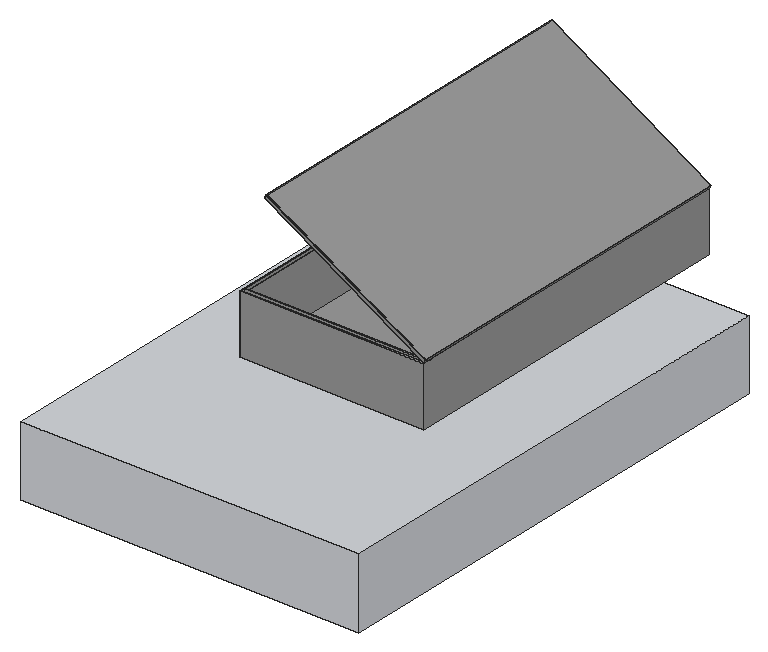
Revit family "Hager-Univers-IP55-D275-H1550-Cl.I-Steel_encl-CH-de", category Equipement électrique, Revit 2020
Family settings
  Hôte = Face
  Configuration du panneau = Deux colonnes, circuits au sein
  Cote de connecteur circulaire = Utiliser le diamètre
  Type d'élément = Tableau de raccordement
  Couper avec des vides une fois chargée = Non
  Partagée = Non
  Point de calcul de pièce = Non
Parameters (values of type "Aufputz IP55 B800 H1550 T275  - FR03E")
  Width Control [instance] = if([EF000008 - Breite] > Min Width, [EF000008 - Breite], Min Width)  # 800 mm
  Commentaires du type = [HG000003 - Bereich]  # "Univers"
  Thickness Door [instance] = if([EF009171 - Materialstärke Tür/Deckel] > 3 mm, 3 mm, [EF009171 - Materialstärke Tür/Deckel])  # 1.5 mm
  Seal Frame Offset [instance] = 17 mm  # constant formula
  Plinth Visibility [instance] = [HG000027 - Sockelhöhe] > 0 mm  # no
  Model = ""
  Min Width [instance] = 100 mm  # constant formula
  Min Height [instance] = 100 mm  # constant formula
  Min Depth [instance] = (2 * [EF009170 - Materialstärke Gehäuse]) + 1 mm  # 4 mm
  Internal Frame Depth [instance] = (Door System Depth * 0.5)  # 9 mm
  Height Control [instance] = if([EF000040 - Höhe] > Min Height, [EF000040 - Höhe], Min Height)  # 1550 mm
  HG000027 - Sockelhöhe = 0 mm
  HG000026 - Stehend auf dem Boden = no
  HG000024 - Höhe des unteren Teils = 800 mm
  HG000023 - Gehäuse mit doppeltem Querschnitt = no
  HG000016 - 3D-Türsichtbarkeit [instance] = yes
  HG000015 - Sichtbarkeit der Türöffnung [instance] = no
  HG000014 - Tür rechts [instance] = yes
  HG000013 - Tür links [instance] = not([HG000014 - Tür rechts])  # no
  HG000012 - Türschwenkwinkel [instance] = 30.00°
  HG000010 - Asymmetrische Türen = no
  HG000009 - Doppelflügeligen Tür = no
  HG000006 - Unterputz = no
  HG000004 - Herstellerreferenz = "FR03E"
  HG000003 - Bereich = "Univers"
  HG000002 - Mit tür = yes
  Frame Offset Bottom [instance] = 10 mm  # constant formula
  Frame Offset [instance] = 15 mm  # constant formula
  EF015940 - Deckel mit Überdruckentlastung = no
  EF011959 - Schutzart (NEMA) = ""
  EF009554 - Anzahl der Öffnungen für Flanschplatten = 6
  Fabricant = "Hager"  # constant formula
  EF009212 - Ausführung Deckel = "EV000116 - geschlossen"
  EF009171 - Materialstärke Tür/Deckel = 1.5 mm
  EF009170 - Materialstärke Gehäuse = 1.5 mm
  EF008873 - Nennstrom (In) = 800 A
  EF007800 - Geeignet für Blitzschutz = no
  EF006306 - Mit Schloss = no
  EF006244 - Transparenter Deckel/Tür = no
  EF005474 - Schutzart (IP) = "EV006420 - IP55"
  EF004464 - Art der Tür = "EV002646 - Einzel"
  EF004427 - Anzahl der Module = 360
  EF004293 - Schlagfestigkeit = "EV008784 - IK10"
  EF003532 - Geeignet für Außengebrauch = no
  EF002950 - Breite in Teilungseinheiten = 24
  EF001613 - Funktionserhalt = "EV000494 - ohne"
  EF001596 - Werkstoff des Gehäuses = "EV000179 - Stahl"
  EF001131 - Innentiefe = 275 mm
  EF001088 - Anbaumöglichkeit = yes
  EF000437 - Anzahl der Leitungseinführungen = 6
  EF000339 - Art der Abdeckung = "EV004216 - Tür"
  EF000266 - Anzahl der Reihen = 10
  EF000218 - Einbautiefe = 0 mm
  EF000118 - Mit Montageplatte = no
  EF000116 - RAL-Nummer = "7035"
  EF000049 - Tiefe = 275 mm
  EF000040 - Höhe = 1550 mm
  EF000008 - Breite = 800 mm
  EF000007 - Farbe = "EV000270 - grau"
  EF000003 - Montageart = "EV000384 - Aufputz"
  Door System Leaf Tolerance [instance] = 1.5 mm  # constant formula
  Door System Depth [instance] = 18 mm  # constant formula
  Door Height [instance] = Height Control - [HG000027 - Sockelhöhe]  # 1550 mm
  Depth Control [instance] = if([EF000049 - Tiefe] > Min Depth, [EF000049 - Tiefe], Min Depth)  # 275 mm
  Default Elevation = 0 mm
  Connector Offset [instance] = Height Control / 2  # 775 mm
  Bottom Top Plate Trim [instance] = 1.5 mm  # constant formula
  Plinth height Ctrl [instance] = if([HG000027 - Sockelhöhe] > 0 mm, [HG000027 - Sockelhöhe], 12 mm)  # 12 mm
Types (5, lengths in mm): name | Width Control | HG000010 - Asymmetrische Türen | HG000009 - Doppelflügeligen Tür | HG000004 - Herstellerreferenz | EF009554 - Anzahl der Öffnungen für Flanschplatten | EF004464 - Art der Tür | EF004427 - Anzahl der Module | EF000437 - Anzahl der Leitungseinführungen | EF000008 - Breite
  Aufputz IP55 B1050 H1550 T275  - FR04E | 1050 | no | yes | "FR04E" | 8 | "EV003602 - Doppel" | 480 | 8 | 1050
  Aufputz IP55 B1300 H1550 T275  - FR05E | 1300 | yes | yes | "FR05E" | 10 | "EV003602 - Doppel" | 600 | 10 | 1300
  Aufputz IP55 B300 H1550 T275  - FR01E | 300 | no | no | "FR01E" | 2 | "EV002646 - Einzel" | 120 | 2 | 300
  Aufputz IP55 B550 H1550 T275  - FR02E | 550 | no | no | "FR02E" | 4 | "EV002646 - Einzel" | 240 | 4 | 550
  Aufputz IP55 B800 H1550 T275  - FR03E | 800 | no | no | "FR03E" | 6 | "EV002646 - Einzel" | 360 | 6 | 800
Reference planes
  plane 1 "Center (Front/Back)": y = 0
  plane 2: z = 0
  plane 3 "Center (Left/Right)": x = 0
  plane 4: z = 275
  plane 5: y = 1.5
  plane 6: y = 775
  plane 7: y = 0
  plane 8: y = 1550
  plane 9: z = 0
  plane 10: x = -385
  plane 11: x = 385
  plane 12: x = 383.5
  plane 13: x = -383.5
  plane 14: y = 1548.5
  plane 15: x = -383
  plane 16: x = -400
  plane 17: x = 383
  plane 18: x = 400
  plane 19: x = 398.5
  plane 20: x = -398.5
  plane 21: y = 11.5
  plane 22: y = 1550
  plane 23: y = 1533.5
  plane 24: z = 257
  plane 25: z = 1.5
  plane 26: z = 255.5
  plane 27: z = 273.5
Forms (mm)
  Extrusion 1, solid
    sketch origin (0, 0, 0) x (1, 0, 0) y (0, 1, 0)
      loop
        line (-702.964, 1305) -> (-702.964, -811.445) -> (766.763, -811.445) -> (766.763, 1305) -> (-702.964, 1305)
    from 0 to -304.8
  Extrusion 2, solid, material "Hager_Steel_RAL7035_Light_Grey", visible <- "Plinth Visibility", detail levels medium+fine
    sketch origin (0, 0, 0) x (1, 0, 0) y (0, 1, 0)
      loop
        line (-400, 0) -> (400, 0) -> (400, 12) -> (-400, 12) -> (-400, 0)
    from 0 to 257
  Extrusion 3, solid, material "Hager_Steel_RAL7035_Light_Grey", detail levels medium+fine
    sketch origin (0, 0, 0) x (1, 0, 0) y (0, 1, 0)
      loop
        line (-400, 0) -> (400, 0) -> (400, 1550) -> (-400, 1550) -> (-400, 0)
    from 0 to 257
  Extrusion 4, void
    sketch origin (0, 0, 0) x (1, 0, 0) y (0, 1, 0)
      loop
        line (-398.5, 1.5) -> (398.5, 1.5) -> (398.5, 1548.5) -> (-398.5, 1548.5) -> (-398.5, 1.5)
    from 1.5 to 255.5
  Extrusion 5, void
    sketch origin (-381.607, -4572, 257) x (0, -1, 0) y (-1, 0, 0)
      loop
        line (-4583.5, 1.893) -> (-6105.5, 1.893) -> (-6105.5, -765.107) -> (-4583.5, -765.107) -> (-4583.5, 1.893)
    from 0 to 1.5 <- "EF009170 - Materialstärke Gehäuse"
  Extrusion 6, solid, material "Hager_Steel_RAL7035_Light_Grey", detail levels fine
    sketch origin (0, 0, 257) x (1, 0, 0) y (0, 1, 0)
      loop
        line (-383.5, 1533.5) -> (-383.5, 11.5) -> (383.5, 11.5) -> (383.5, 1533.5) -> (-383.5, 1533.5)
      loop
        line (-385, 10) -> (385, 10) -> (385, 1535) -> (-385, 1535) -> (-385, 10)
    from 0 to 9 <- "Internal Frame Depth"
  Extrusion 7, solid, material "Hager_Steel_RAL7035_Light_Grey", detail levels coarse
    sketch origin (0, 0, 0) x (1, 0, 0) y (0, 1, 0)
      loop
        line (-400, 0) -> (400, 0) -> (400, 1550) -> (-400, 1550) -> (-400, 0)
    from 0 to 275
  Sweep 8, void
    path in 3D
      loop
        line (-400, 12, 0) -> (400, 12, 0) -> (400, 12, 257) -> (-400, 12, 257) -> (-400, 12, 0)
    profile origin (-400, 12, 128.5) x (-1, 0, 0) y (0, -1, 0)
      loop
        line (0, 0) -> (0, 1.5) -> (-1.5, 1.5)
        arc (-1.5, 1.5) -> (-1.061, 0.439) -> (0, 0) r 1.5
Cuts and joins
  Extrusion 4, Extrusion 5 cuts Extrusion 3
  Sweep 8 cuts Extrusion 2
Lines and regions (mm)
  Masking region 1
    outline origin (0, 0, 0) x (1, 0, 0) y (0, 0, 1)
      loop
        line (-400, 275) -> (-400, 0) -> (400, 0) -> (400, 275) -> (-400, 275)
  Masking region 2, detail levels medium+fine
    outline origin (0, 140, 0) x (0, 1, 0) y (0, 0, 1)
      loop
        line (-140, 0) -> (1410, 0) -> (1410, 257) -> (-140, 257) -> (-140, 0)
  Masking region 3, not visible, detail levels medium+fine
    outline origin (0, 297.922, 0) x (0, 1, 0) y (0, 0, 1)
      loop
        line (488.578, 0) -> (528.578, 0) -> (528.578, 263.5)
        arc (528.578, 263.5) -> (525.649, 270.571) -> (518.578, 273.5) r 10
        line (518.578, 273.5) -> (488.578, 273.5) -> (488.578, 0)
  Masking region 4, detail levels coarse
    outline origin (0, 0, 180) x (0, 1, 0) y (0, 0, 1)
      loop
        line (0, -180) -> (1550, -180) -> (1550, 95) -> (0, 95) -> (0, -180)
  Masking region 5, visible <- "Plinth Visibility", detail levels medium+fine
    outline origin (0, 52.24, 12.345) x (0, 0, -1) y (0, 1, 0)
      loop
        line (10.845, -40.24) -> (-243.155, -40.24)
        arc (-243.155, -40.24) -> (-243.594, -41.301) -> (-244.655, -41.74) r 1.5
        line (-244.655, -41.74) -> (-244.655, -52.24) -> (12.345, -52.24) -> (12.345, -41.74)
        arc (12.345, -41.74) -> (11.285, -41.301) -> (10.845, -40.24) r 1.5
  Masking region 6, detail levels medium+fine
    outline origin (-381.607, -4572, 257) x (-1, 0, 0) y (0, -1, 0)
      loop
        line (18.393, -6122) -> (18.393, -4572) -> (-781.607, -4572) -> (-781.607, -6122) -> (18.393, -6122)
  Masking region 7, visible <- "Plinth Visibility", detail levels medium+fine
    outline origin (-381.607, -4727, 257) x (-1, 0, 0) y (0, -1, 0)
      loop
        arc (16.893, -4739) -> (17.332, -4737.939) -> (18.393, -4737.5) r 1.5
        line (18.393, -4737.5) -> (18.393, -4727) -> (-781.607, -4727) -> (-781.607, -4737.5)
        arc (-781.607, -4737.5) -> (-780.546, -4737.939) -> (-780.107, -4739) r 1.5
        line (-780.107, -4739) -> (16.893, -4739)
  Masking region 8, detail levels coarse
    outline origin (-442.548, -4669.526, 257) x (-1, 0, 0) y (0, -1, 0)
      loop
        line (-42.548, -6219.526) -> (-42.548, -4669.526) -> (-842.548, -4669.526) -> (-842.548, -6219.526) -> (-42.548, -6219.526)
  sketch lines
    curve 1: line (-400, 12, 257) -> (-400, 12, 0)
    curve 2: line (400, 12, 257) -> (-400, 12, 257)
    curve 3: line (400, 12, 257) -> (400, 12, 0)
    curve 4: line (-400, 12, 0) -> (400, 12, 0)
Dimensions and locks
  "Depth Control": plane 4 to Extrusion 1
  "HG000027 - Sockelhöhe": plane 1 "Center (Front/Back)" to plane 7
  "EF009170 - Materialstärke Gehäuse": plane 5 to plane 7
  locked: connector elem to plane 3 "Center (Left/Right)"
  equal spacing: plane 8, plane 6, plane 7
  locked: connector elem to plane 6
  "EF009170 - Materialstärke Gehäuse": plane 8 to plane 14
  "EF009170 - Materialstärke Gehäuse": plane 10 to plane 13
  "EF009170 - Materialstärke Gehäuse": plane 12 to plane 11
  "Frame Offset": plane 20 to plane 13
  "Frame Offset": plane 12 to plane 19
  "EF009170 - Materialstärke Gehäuse": plane 16 to plane 20
  "EF009170 - Materialstärke Gehäuse": plane 19 to plane 18
  "Seal Frame Offset": plane 16 to plane 15
  "Seal Frame Offset": plane 17 to plane 18
  "Frame Offset Bottom": plane 21 to plane 5
  "Frame Offset": plane 14 to plane 23
  equal spacing: plane 16, plane 3 "Center (Left/Right)", plane 18
  "Width Control": plane 16 to plane 18
  "EF009170 - Materialstärke Gehäuse": plane 4 to plane 27
  "EF009170 - Materialstärke Gehäuse": plane 24 to plane 26
  "EF009170 - Materialstärke Gehäuse": plane 25 to level
  "Door System Depth": plane 4 to plane 24
  "Height Control": plane 1 "Center (Front/Back)" to Extrusion 7 sketch curve
  "Height Control": Masking region 4 sketch curve to plane 1 "Center (Front/Back)"
  "Height Control": plane 1 "Center (Front/Back)" to plane 22
  "Bottom Top Plate Trim": profile plane to Sweep 8 sketch curve
  "Bottom Top Plate Trim": Sweep 8 sketch curve to profile plane
  "Plinth height Ctrl": plane 1 "Center (Front/Back)" to Extrusion 2 sketch curve
  "Plinth height Ctrl": Masking region 5 sketch curve to plane 1 "Center (Front/Back)"
  "Plinth height Ctrl": plane 1 "Center (Front/Back)" to Masking region 7 sketch curve
  "Thickness Door": Extrusion 6 sketch curve to Extrusion 6 sketch curve  (x3)
  "Thickness Door": cut or joined group of Extrusion 3, Extrusion 4, Extrusion 5 to Extrusion 6 sketch curve
  radius of Masking region 3 sketch curve = 10 mm
  "Bottom Top Plate Trim": radius of Masking region 5 sketch curve  (x2)
  "Bottom Top Plate Trim": radius of Sweep 8 sketch curve
  "Bottom Top Plate Trim": radius of Masking region 7 sketch curve  (x2)
  aligned and locked: plane 2 to Extrusion 1
  aligned and locked: level to Extrusion 1
  aligned and locked: level to Masking region 1 sketch curve
  aligned and locked: Masking region 1 sketch curve to plane 18
  aligned and locked: Masking region 1 sketch curve to plane 16
  aligned and locked: plane 7 to Masking region 2 sketch curve
  aligned and locked: level to Masking region 3 sketch curve
  aligned and locked: Masking region 3 sketch curve to plane 27
  aligned and locked: level to Masking region 2 sketch curve
  aligned and locked: plane 1 "Center (Front/Back)" to Extrusion 2 sketch curve
  aligned and locked: Extrusion 3 sketch curve to plane 7
  aligned and locked: plane 16 to Extrusion 3 sketch curve
  aligned and locked: plane 18 to Extrusion 3 sketch curve
  aligned and locked: plane 20 to Extrusion 4 sketch curve
  aligned and locked: plane 19 to Extrusion 4 sketch curve
  aligned and locked: Extrusion 4 sketch curve to plane 5
  aligned and locked: Extrusion 4 to plane 25
  aligned and locked: plane 26 to Extrusion 4
  aligned and locked: plane 24 to Extrusion 3
  aligned and locked: Extrusion 5 sketch curve to plane 21
  aligned and locked: Extrusion 5 sketch curve to plane 13
  aligned and locked: Extrusion 5 sketch curve to plane 12
  aligned and locked: plane 18 to Extrusion 7 sketch curve
  aligned and locked: plane 1 "Center (Front/Back)" to Extrusion 7 sketch curve
  aligned and locked: plane 16 to Extrusion 7 sketch curve
  aligned and locked: plane 4 to Extrusion 7
  aligned and locked: Extrusion 7 to level
  aligned and locked: level to Masking region 4 sketch curve
  aligned and locked: Masking region 4 sketch curve to plane 1 "Center (Front/Back)"
  aligned and locked: Masking region 4 sketch curve to plane 4
  aligned and locked: nested 1 to level
  aligned and locked: nested 1 to plane 16
  aligned and locked: plane 8 to Extrusion 3 sketch curve
  aligned and locked: plane 23 to Extrusion 5 sketch curve
  aligned and locked: plane 14 to Extrusion 4 sketch curve
  aligned and locked: Masking region 2 sketch curve to plane 8
  aligned and locked: level to Masking region 5 sketch curve
  aligned and locked: plane 16 to Extrusion 2 sketch curve
  aligned and locked: plane 18 to Extrusion 2 sketch curve
  aligned and locked: Masking region 5 sketch curve to plane 24
  aligned and locked: Masking region 2 sketch curve to plane 24
  aligned and locked: plane 24 to Extrusion 2
  aligned and locked: profile plane to Sweep 8 sketch curve  (x2)
  aligned and locked: Masking region 6 sketch curve to plane 18
  aligned and locked: Masking region 6 sketch curve to plane 22
  aligned and locked: Masking region 6 sketch curve to plane 16
  aligned and locked: plane 8 to plane 22
  aligned and locked: Masking region 6 sketch curve to plane 7
  aligned and locked: Masking region 7 sketch curve to plane 16
  aligned and locked: Masking region 7 sketch curve to plane 1 "Center (Front/Back)"
  aligned and locked: Masking region 7 sketch curve to plane 18
  aligned and locked: Masking region 8 sketch curve to plane 1 "Center (Front/Back)"
  aligned and locked: Masking region 8 sketch curve to plane 18
  aligned and locked: Masking region 8 sketch curve to plane 22
  aligned and locked: Masking region 8 sketch curve to plane 16
  aligned and locked: nested 2 to plane 7
  aligned and locked: plane 3 "Center (Left/Right)" to nested 2
  aligned and locked: nested 2 to plane 24
  aligned and locked: Extrusion 6 sketch curve to cut or joined group of Extrusion 3, Extrusion 4, Extrusion 5  (x4)
Automatic sketch dimensions
  Extrusion 1 sketch curve to Extrusion 1 sketch curve = 1469.727 mm
  Extrusion 1 sketch curve to Extrusion 1 sketch curve = 2116.445 mm
  Masking region 1 sketch curve to plane 4 = 0 mm
  plane 6 to Masking region 3 sketch curve = 11.5 mm
  Masking region 3 sketch curve to Masking region 3 sketch curve = 30 mm
  Masking region 5 sketch curve to plane 1 "Center (Front/Back)" = 0 mm
Nested families
  nested 1: "Hager_Enclosure_Symbol" at (-400, 0, 0) x (1, 0, 0) z (0, -1, 0), Height <- "Depth Control", Width <- "Width Control", type "Hager_Enclosure_Symbol"
    with Width_Ctrl 800 mm, Width 800 mm, Height_Ctrl 275 mm, Height 275 mm, A_Width_Int 18.047 mm, A_Width 216.562 mm, A_Height_Ctrl 240.625 mm, A_Height 240.625 mm
  nested 2: "EC000058_Univers_Door" at (0, 0, 257) x (1, 0, 0) z (0, 1, 0), Leaf_Tolerance <- "Door System Leaf Tolerance", Angle <- "HG000012 - Türschwenkwinkel", Door_Depth <- "Door System Depth", Door_Left <- "HG000013 - Tür links", Transparent <- "EF006244 - Transparenter Deckel/Tür", Assymetrical <- "HG000010 - Asymmetrische Türen", Width <- "Width Control", Clearance <- "HG000015 - Sichtbarkeit der Türöffnung", Double <- "HG000009 - Doppelflügeligen Tür", 3d_Door <- "HG000016 - 3D-Türsichtbarkeit", Lock_Visibility <- "EF006306 - Mit Schloss", Width_Ctrl <- "Width Control", Door_Right <- "HG000014 - Tür rechts", Door <- "HG000002 - Mit tür", Height <- "Door Height", Thickness <- "Thickness Door", type "EC000058_Univers_Door", detail levels medium+fine
    with min_wh 4 mm, Width_Ctrl 800 mm, Width 800 mm, Transparent no, Thickness 1.5 mm, Seal_Material Hager_Rubber, Lock_Visibility no, Lock_Material Hager_Plastic_RAL9005_Jet_Black, Leaf_Width 800 mm, Leaf_Tolerance_External_Sides 0 mm, Leaf_Tolerance 1.5 mm, Leaf_Offset 0 mm, Leaf_Height 1547 mm, Leaf_2_Width 800 mm, Leaf_2_Offset 400 mm, Leaf_1_Width 800 mm, Leaf_1_Offset 400 mm, Height_Ctrl 1550 mm, Height 1550 mm, Glass_Material Hager_Glass, Double_Clearance_Ctrl no, Double no, Door_Right_Ctrl yes, Door_Right yes, Door_Material Hager_Steel_RAL7035_Light_Grey, Door_Left_Ctrl no, Door_Left no, Door_Depth 18 mm, Door yes, Clearance_Material Hager_Clearance, Clearance_Depth 800 mm, Clearance_Ctrl no, Clearance no, Assymetrical no, Angle 30.00°, 3d_Door yes
Connectors
  electrical at (0, 775, 0)
    settings: on plane 9, index 1, voltage 0 V, apparent load 0 VA, apparent load phase1 0 VA, apparent load phase2 0 VA, apparent load phase3 0 VA, power factor 1, load classification "Other", number of poles 1, system type 30, power factor state 1, is connector primary yes, connector utility no, sub classification motor no, connector description ""
Definition of nested family "EC000058_Univers_Door"
  Parameters (values of type "EC000058_Univers_Door")
    min_wh [instance] = (2 * Thickness) + 1 mm  # 11 mm
    Width_Ctrl [instance] = 400 mm
    Width [instance] = 500 mm
    Transparent [instance] = yes
    Thickness [instance] = 5 mm
    Seal_Material [instance] = none
    Lock_Visibility [instance] = yes
    Lock_Material [instance] = none
    Leaf_Width [instance] = if((Width_Ctrl - 2 * Leaf_Tolerance_External_Sides) > 0 mm, (Width_Ctrl - 2 * Leaf_Tolerance_External_Sides), min_wh)  # 400 mm
    Leaf_Tolerance_External_Sides [instance] = 0 mm  # constant formula
    Leaf_Tolerance [instance] = 1.5 mm
    Leaf_Offset [instance] = 0 mm  # constant formula
    Leaf_Height [instance] = if((Height_Ctrl - 2 * Leaf_Tolerance) > 0 mm, (Height_Ctrl - 2 * Leaf_Tolerance), min_wh)  # 497 mm
    Leaf_2_Width [instance] = if(and(and(Double, Assymetrical), Door_Left), (Leaf_Width / 3) - (Leaf_Tolerance / 2), if(and(and(Double, Assymetrical), Door_Right), (Leaf_Width / 3) * 2 - (Leaf_Tolerance / 2), if(and(Double, not(Assymetrical)), (Leaf_Width / 2) - Leaf_Tolerance, Leaf_Width)))  # 400 mm
    Leaf_2_Offset [instance] = if(and(Double, Assymetrical), Leaf_2_Width / 2, if(and(Double, not(Assymetrical)), Leaf_Width / 4, Leaf_Width / 2))  # 200 mm
    Leaf_1_Width [instance] = if(and(and(Double, Assymetrical), Door_Right), (Leaf_Width / 3) - (Leaf_Tolerance / 2), if(and(and(Double, Assymetrical), Door_Left), (Width / 3) * 2 - (Leaf_Tolerance / 2), if(and(Double, not(Assymetrical)), (Leaf_Width / 2) - Leaf_Tolerance, Leaf_Width)))  # 400 mm
    Leaf_1_Offset [instance] = if(and(Double, Assymetrical), Leaf_1_Width / 2, if(and(Double, not(Assymetrical)), Leaf_Width / 4, Leaf_Width / 2))  # 200 mm
    Height_Ctrl [instance] = if(Height > min_wh, Height, min_wh)  # 500 mm
    Height [instance] = 500 mm
    Glass_Material [instance] = none
    Double_Clearance_Ctrl [instance] = and(Double, Clearance)  # no
    Double [instance] = no
    Door_Right_Ctrl [instance] = and(or(Door_Right, Double), Door)  # yes
    Door_Right [instance] = yes
    Door_Material [instance] = none
    Door_Left_Ctrl [instance] = and(or(Door_Left, Double), Door)  # no
    Door_Left [instance] = no
    Door_Depth [instance] = 30 mm
    Door [instance] = yes
    Default Elevation = 1219.2 mm
    Clearance_Material [instance] = none
    Clearance_Depth [instance] = if(Leaf_1_Width > Leaf_2_Width, Leaf_1_Width, Leaf_2_Width)  # 400 mm
    Clearance_Ctrl [instance] = and(not(Double), Clearance)  # yes
    Clearance [instance] = yes
    Assymetrical [instance] = yes
    Angle [instance] = 30.00°
    3d_Door [instance] = yes
  Reference planes
    plane 1 "Center (Front/Back)": y = 0
    plane 2 "Bottom": z = 0
    plane 3 "Center (Left/Right)": x = 0
    plane 4: z = 500
    plane 5: x = -200
    plane 6: x = 200
    plane 7: z = 500
    plane 8: x = -200
    plane 9: z = 0
    plane 10: x = 200
    plane 11: y = 0
    plane 12: z = 1.5
    plane 13: x = -600
    plane 14: y = -400
    plane 15: x = 600
    plane 16: x = 0
    plane 17: x = 0
    plane 18: x = -200
    plane 19: x = 200
    plane 20: z = 498.5
  Forms (mm)
    Extrusion 1, solid, material <- "Clearance_Material", visible <- "Double_Clearance_Ctrl"
      sketch origin (1200, 0, 0) x (1, 0, 0) y (0, 0, -1)
        loop
          line (-1800, -498.5) -> (-600, -498.5) -> (-600, 0) -> (-1800, 0) -> (-1800, -498.5)
      from 0 to -400
  Dimensions and locks
    equal spacing: plane 5, plane 3 "Center (Left/Right)", plane 6
    "Width_Ctrl": plane 5 to plane 6
    "Leaf_Offset": plane 5 to plane 8
    "Leaf_Offset": plane 6 to plane 10
    "Leaf_Offset": plane 9 to level
    "Leaf_Offset": plane 4 to plane 7
    "Height_Ctrl": plane 4 to level
    "Leaf_Tolerance": plane 12 to plane 9
    locked: plane 11 to plane 1 "Center (Front/Back)"
    "Leaf_1_Offset": plane 18 to plane 16
    "Leaf_2_Offset": plane 17 to plane 19
    "Leaf_1_Width": plane 13 to plane 8
    "Leaf_2_Width": plane 10 to plane 15
    "Clearance_Depth": plane 14 to plane 1 "Center (Front/Back)"
    "Leaf_Tolerance_External_Sides": plane 8 to plane 18
    "Leaf_Tolerance_External_Sides": plane 19 to plane 10
    "Leaf_Tolerance": plane 7 to plane 20
    aligned and locked: level to plane 2 "Bottom"
    aligned and locked: nested 1 to plane 16
    aligned and locked: nested 2 to plane 17
    aligned and locked: Extrusion 1 to plane 13
    aligned and locked: plane 15 to Extrusion 1
    aligned and locked: Extrusion 1 to plane 14
    aligned and locked: plane 12 to nested 1
    aligned and locked: nested 2 to plane 12
    aligned and locked: Extrusion 1 to plane 11
    aligned and locked: plane 20 to Extrusion 1
    aligned and locked: nested 2 to plane 11
    aligned and locked: nested 1 to plane 11
  Automatic sketch dimensions
    Extrusion 1 sketch curve to level = 0 mm
    plane 5 to Extrusion 1 sketch curve = 400 mm
    plane 6 to Extrusion 1 sketch curve = 400 mm
    Extrusion 1 sketch curve to plane 4 = 1.5 mm
  Nested families
    nested 1: "EC000058_Univers_Door_Leaf" at (0, 0, 1.5), Width <- "Leaf_1_Width", visible <- "Door_Left_Ctrl", Leaf_Height <- "Leaf_Height", Angle <- "Angle", 3d_Door <- "3d_Door", Transparent <- "Transparent", Clearance Material <- "Clearance_Material", Clearance <- "Clearance_Ctrl", Door_Material <- "Door_Material", Glass_Material <- "Glass_Material", Door_Depth <- "Door_Depth", Lock_Material <- "Lock_Material", Seal_Material <- "Seal_Material", Lock_Visibility <- "Lock_Visibility", Thickness <- "Thickness", type "EC000058_Univers_Door_Leaf"
      with Width 400 mm, Transparent_Glass_Offset 30 mm, Transparent_Ctrl yes, Transparent yes, Thickness 5 mm, Standard no, Seal_Material none, Seal_D2 8 mm, Seal_D1 1 mm, Offset_Internal_Frame 10 mm, Lock_Width 20 mm, Lock_Visibility_3d yes, Lock_Visibility yes, Lock_Thickness_3 3 mm, Lock_Thickness_2 1 mm, Lock_Thickness_1 3 mm, Lock_Radius_Offset_2 16 mm, Lock_Radius_Offset_1 15 mm, Lock_Radius_2 5 mm, Lock_Radius 6 mm, Lock_Offset 5 mm, Lock_Material none, Lock_Height 80 mm, Lock_Cover_Top_Offset_2d 17 mm, Lock_Cover_Height -65 mm, Leaf_Height 497 mm, Internal_Seal_Thickness 8 mm, Internal_Seal_Depth_2 4.5 mm, Internal_Frame_Depth 25 mm, Glass_Thickness -1 mm, Glass_Offset -2 mm, Glass_Material none, Door_Material none, Door_Depth 30 mm, Clearance Material none, Clearance yes, Angle_Ctrl 30.00°, Angle 30.00°, 3d_Door yes
    nested 2: "EC000058_Univers_Door_Leaf" at (0, 0, 1.5) x (-1, 0, 0) z (0, 0, 1), Width <- "Leaf_2_Width", visible <- "Door_Right_Ctrl", Leaf_Height <- "Leaf_Height", Angle <- "Angle", 3d_Door <- "3d_Door", Transparent <- "Transparent", Clearance Material <- "Clearance_Material", Clearance <- "Clearance_Ctrl", Door_Material <- "Door_Material", Glass_Material <- "Glass_Material", Door_Depth <- "Door_Depth", Lock_Material <- "Lock_Material", Seal_Material <- "Seal_Material", Lock_Visibility <- "Lock_Visibility", Thickness <- "Thickness", type "EC000058_Univers_Door_Leaf"
      with Width 400 mm, Transparent_Glass_Offset 30 mm, Transparent_Ctrl yes, Transparent yes, Thickness 5 mm, Standard no, Seal_Material none, Seal_D2 8 mm, Seal_D1 1 mm, Offset_Internal_Frame 10 mm, Lock_Width 20 mm, Lock_Visibility_3d yes, Lock_Visibility yes, Lock_Thickness_3 3 mm, Lock_Thickness_2 1 mm, Lock_Thickness_1 3 mm, Lock_Radius_Offset_2 16 mm, Lock_Radius_Offset_1 15 mm, Lock_Radius_2 5 mm, Lock_Radius 6 mm, Lock_Offset 5 mm, Lock_Material none, Lock_Height 80 mm, Lock_Cover_Top_Offset_2d 17 mm, Lock_Cover_Height -65 mm, Leaf_Height 497 mm, Internal_Seal_Thickness 8 mm, Internal_Seal_Depth_2 4.5 mm, Internal_Frame_Depth 25 mm, Glass_Thickness -1 mm, Glass_Offset -2 mm, Glass_Material none, Door_Material none, Door_Depth 30 mm, Clearance Material none, Clearance yes, Angle_Ctrl 30.00°, Angle 30.00°, 3d_Door yes
  Definition of nested family "EC000058_Univers_Door_Leaf"
    Parameters (values of type "EC000058_Univers_Door_Leaf")
      Width [instance] = 2000 mm
      Transparent_Glass_Offset [instance] = 30 mm
      Transparent_Ctrl [instance] = and(Transparent, [3d_Door])  # yes
      Transparent [instance] = yes
      Thickness [instance] = 5 mm
      Standard [instance] = and(not(Transparent), [3d_Door])  # no
      Seal_Material [instance] = none
      Seal_D2 [instance] = 8 mm  # constant formula
      Seal_D1 [instance] = 1 mm  # constant formula
      Offset_Internal_Frame [instance] = 10 mm  # constant formula
      Lock_Width [instance] = 20 mm  # constant formula
      Lock_Visibility_3d [instance] = and(Lock_Visibility, [3d_Door])  # yes
      Lock_Visibility [instance] = yes
      Lock_Thickness_3 [instance] = 3 mm  # constant formula
      Lock_Thickness_2 [instance] = 1 mm  # constant formula
      Lock_Thickness_1 [instance] = 3 mm  # constant formula
      Lock_Radius_Offset_2 [instance] = Lock_Radius_Offset_1 + 1 mm  # 16 mm
      Lock_Radius_Offset_1 [instance] = 15 mm  # constant formula
      Lock_Radius_2 [instance] = Lock_Radius - 1 mm  # 5 mm
      Lock_Radius [instance] = 6 mm  # constant formula
      Lock_Offset [instance] = 5 mm  # constant formula
      Lock_Material [instance] = none
      Lock_Height [instance] = 80 mm  # constant formula
      Lock_Cover_Top_Offset_2d [instance] = Lock_Radius_Offset_2 + 1 mm  # 17 mm
      Lock_Cover_Height [instance] = -(Lock_Height - Lock_Radius_Offset_1)  # -65 mm
      Leaf_Height [instance] = 2720.336 mm
      Internal_Seal_Thickness [instance] = 8 mm  # constant formula
      Internal_Seal_Depth_2 [instance] = 4.5 mm  # constant formula
      Internal_Frame_Depth [instance] = if(Door_Depth - Thickness > 5 mm, Door_Depth - Thickness, 5 mm)  # 25 mm
      Glass_Thickness [instance] = if(Thickness > 15 mm, Glass_Offset + 10 mm, -1 mm)  # -1 mm
      Glass_Offset [instance] = if(Thickness > 15 mm, -(Thickness + 10 mm) / 2, -2 mm)  # -2 mm
      Glass_Material [instance] = none
      Door_Material [instance] = none
      Door_Depth [instance] = 30 mm
      Default Elevation = 0 mm
      Clearance Material [instance] = none
      Clearance [instance] = yes
      Angle_Ctrl [instance] = if(Angle > 180.00°, 180.00°, Angle)  # 90.00°
      Angle [instance] = 90.00°
      3d_Door [instance] = yes
    Reference planes
      plane 1 "Center (Front/Back)": y = 0
      plane 2: z = 0
      plane 3 "Center (Left/Right)": x = 0
      plane 4: y = 2000
      plane 5: x = -1000
      plane 6: x = 1000
      plane 7: x = -3000
      plane 8: z = 2720.336
      plane 9: z = 30
      plane 10: z = 2690.336
      plane 11: x = 970
      plane 12: x = -970
      plane 13: y = -3
      plane 14: z = 107.833
      plane 15: y = -5
      plane 16: y = -223.314
      plane 17: x = -1000
      plane 18: z = 1360.168
      plane 19: y = 30
    Forms (mm)
      Extrusion 1, solid, material <- "Clearance Material", visible <- "Clearance"
        sketch origin (0, 0, 0) x (1, 0, 0) y (0, 0, 1)
          loop
            line (-3000, 2720.336) -> (-3000, 0) -> (1000, 0) -> (1000, 2720.336) -> (-3000, 2720.336)
        from 0 to -2000
      Extrusion 2, solid, material <- "Door_Material", visible <- "Standard", detail levels medium+fine
        sketch origin (-1000, 0, 0) x (0, 1, 0) y (-1, 0, 0)
          loop
            line (0, 30) -> (0, 25) -> (2000, 25) -> (2000, 30) -> (0, 30)
        from 0 to 2720.336 <- "Leaf_Height"
      Extrusion 3, solid, material <- "Door_Material", visible <- "Transparent_Ctrl", detail levels medium+fine
        sketch origin (-1000, 0, 0) x (0, 1, 0) y (-1, 0, 0)
          loop
            line (0, 25) -> (2000, 25) -> (2000, 30) -> (0, 30) -> (0, 25)
        from 0 to 2720.336 <- "Leaf_Height"
      Extrusion 4, void
        sketch origin (-1025, 2000, 0) x (0, 1, 0) y (0, 0, -1)
          loop
            line (-30, -2690.336) -> (-30, -30) -> (-1970, -30) -> (-1970, -2690.336) -> (-30, -2690.336)
        from 0 to 5 <- "Thickness"
      Sweep 5, solid, material <- "Seal_Material", visible <- "Transparent_Ctrl", detail levels fine
        path in 3D
          loop
            line (-1025, 30, 30) -> (-1025, 30, 2690.336) -> (-1025, 1970, 2690.336) -> (-1025, 1970, 30) -> (-1025, 30, 30)
        profile origin (-1025, 1000, 30) x (1, 0, 0) y (0, 0, 1)
          loop
            line (0, 0) -> (0, -8) -> (1, -8) -> (1, 0) -> (0, 0)
      Extrusion 6, solid, material <- "Glass_Material", visible <- "Transparent_Ctrl", detail levels medium+fine
        sketch origin (-1030, 0, 0) x (0, 1, 0) y (0, 0, -1)
          loop
            line (1970, -2690.336) -> (1970, -30) -> (30, -30) -> (30, -2690.336) -> (1970, -2690.336)
        from -2 <- "Glass_Offset" to -1 <- "Glass_Thickness"
      Extrusion 7, solid, material <- "Door_Material", visible <- "3d_Door", detail levels medium+fine
        sketch origin (-1025, 2000, 0) x (0, -1, 0) y (0, 0, -1)
          loop
            line (0, -2720.336) -> (2000, -2720.336) -> (2000, 0) -> (0, 0) -> (0, -2720.336)
          loop
            line (1995, -5) -> (5, -5) -> (5, -2715.336) -> (1995, -2715.336) -> (1995, -5)
        from 0 to 25 <- "Internal_Frame_Depth"
      Sweep 8, solid, material <- "Seal_Material", visible <- "Transparent_Ctrl", detail levels fine
        path in 3D
          loop
            line (-1025, 0, 0) -> (-1025, 2000, 0) -> (-1025, 2000, 2720.336) -> (-1025, 0, 2720.336) -> (-1025, 0, 0)
        profile origin (-1025, 0, 1360.168) x (1, 0, 0) y (0, 1, 0)
          loop
            line (0, 10) -> (2.975, 10)
            arc (2.975, 10) -> (4.053, 10.447) -> (4.5, 11.525) r 1.525
            line (4.5, 11.525) -> (4.5, 16.527)
            arc (4.5, 16.527) -> (4.069, 17.569) -> (3.027, 18) r 1.473
            line (3.027, 18) -> (0, 18) -> (0, 10)
      Extrusion 9, solid, material <- "Lock_Material", visible <- "Lock_Visibility_3d", detail levels fine
        sketch origin (-1030, 0, 0) x (0, 1, 0) y (0, 0, -1)
          loop
            arc (1993.5, -1400.168) -> (1994.561, -1399.729) -> (1995, -1398.668) r 1.5
            line (1995, -1398.668) -> (1995, -1320.168) -> (1975, -1320.168) -> (1975, -1398.668)
            arc (1975, -1398.668) -> (1975.439, -1399.729) -> (1976.5, -1400.168) r 1.5
            line (1976.5, -1400.168) -> (1993.5, -1400.168)
        from 3 <- "Lock_Thickness_1" to 0
      Blend 10, solid, material <- "Lock_Material", visible <- "Lock_Visibility_3d", detail levels fine
        base sketch origin (-1033, 0, 0) x (0, 1, 0) y (0, 0, -1)
          loop
            line (1975, -1320.168) -> (1975, -1398.668)
            arc (1975, -1398.668) -> (1975.439, -1399.729) -> (1976.5, -1400.168) r 1.5
            line (1976.5, -1400.168) -> (1993.5, -1400.168)
            arc (1993.5, -1400.168) -> (1994.561, -1399.729) -> (1995, -1398.668) r 1.5
            line (1995, -1398.668) -> (1995, -1320.168) -> (1975, -1320.168)
        top sketch origin (-1033, 0, 0) x (0, 1, 0) y (0, 0, -1)
          loop
            line (1976, -1320.168) -> (1976, -1398.668)
            arc (1976, -1398.668) -> (1976.146, -1399.022) -> (1976.5, -1399.168) r 0.5
            line (1976.5, -1399.168) -> (1993.5, -1399.168)
            arc (1993.5, -1399.168) -> (1993.854, -1399.022) -> (1994, -1398.668) r 0.5
            line (1994, -1398.668) -> (1994, -1320.168) -> (1976, -1320.168)
        from 0 to 1 <- "Lock_Thickness_2"
      Blend 11, solid, material <- "Lock_Material", visible <- "Lock_Visibility_3d", detail levels fine
        base sketch origin (-1034, 0, 0) x (0, 1, 0) y (0, 0, -1)
          loop
            line (1978, -1320.168) -> (1978, -1384.168)
            arc (1978, -1384.168) -> (1985, -1391.168) -> (1992, -1384.168) r 7
            line (1992, -1384.168) -> (1992, -1320.168) -> (1978, -1320.168)
        top sketch origin (-1034, 0, 0) x (0, 1, 0) y (0, 0, -1)
          loop
            line (1991, -1320.168) -> (1979, -1320.168) -> (1979, -1383.168)
            arc (1979, -1383.168) -> (1985, -1389.168) -> (1991, -1383.168) r 6
            line (1991, -1383.168) -> (1991, -1320.168)
        from 0 to 3 <- "Lock_Thickness_3"
      Extrusion 12, solid, material <- "Lock_Material", visible <- "Lock_Visibility_3d", detail levels fine
        sketch origin (-1030, 1975, 1320.168) x (1, 0, 0) y (0, -1, 0)
          loop
            line (-7, -19) -> (-7, -1) -> (0, -1) -> (0, 0) -> (-8, 0) -> (-8, -20) -> (0, -20) -> (0, -19) -> (-7, -19)
        from 0 to -65 <- "Lock_Cover_Height"
      Extrusion 13, void
        sketch origin (-1038, 1995, 1320.168) x (-1, 0, 0) y (0, 0, -1)
          loop
            line (-5, -65) -> (0, -65) -> (-5, -60) -> (-5, -65)
        from 0 to 20 <- "Lock_Width"
      Extrusion 14, void
        sketch origin (-1038, 1975, 1320.168) x (0, -1, 0) y (0, 0, -1)
          loop
            circle (-10, -15.995) r 6
          loop
            circle (-10, -15.995) r 5
        from 0 to 2
      Extrusion 15, solid, material <- "Lock_Material", visible <- "Lock_Visibility_3d", detail levels medium
        sketch origin (-1030, 0, 0) x (0, 1, 0) y (0, 0, -1)
          loop
            arc (1993.5, -1400.168) -> (1994.561, -1399.729) -> (1995, -1398.668) r 1.5
            line (1995, -1398.668) -> (1995, -1320.168) -> (1975, -1320.168) -> (1975, -1398.668)
            arc (1975, -1398.668) -> (1975.439, -1399.729) -> (1976.5, -1400.168) r 1.5
            line (1976.5, -1400.168) -> (1993.5, -1400.168)
        from 8 to 0
    Cuts and joins
      Extrusion 4 cuts Extrusion 3
      Extrusion 13, Extrusion 14 cuts Extrusion 9
      Extrusion 14 cuts Blend 11
      Extrusion 13, Extrusion 14 cuts Extrusion 12
      joined: Extrusion 9, Blend 10, Blend 11, Extrusion 12
      Extrusion 14 cuts Extrusion 15
    Lines and regions (mm)
      Masking region 1, visible <- "Lock_Visibility", detail levels fine
        outline origin (0, 0, 0) x (0, 1, 0) y (0, 0, 1)
          loop
            line (30, 1320.168) -> (33, 1320.168) -> (33, 1400.168) -> (30, 1400.168) -> (30, 1320.168)
      Masking region 2, visible <- "Lock_Visibility", detail levels fine
        outline origin (0, 3.143, 0) x (0, 1, 0) y (0, 0, 1)
          loop
            line (29.857, 1354.168) -> (30.857, 1354.168) -> (30.857, 1366.168) -> (29.857, 1366.168) -> (29.857, 1354.168)
      Masking region 3, detail levels medium+fine
        outline origin (0, 0, 0) x (0, 1, 0) y (0, 0, 1)
          loop
            line (0, 0) -> (30, 0) -> (30, 2720.336) -> (0, 2720.336) -> (0, 0)
      Masking region 4, detail levels medium+fine
        outline origin (0, 0, 0) x (1, 0, 0) y (0, 0, 1)
          loop
            line (-1000, 2720.336) -> (-1000, 0) -> (1000, 0) -> (1000, 2720.336) -> (-1000, 2720.336)
      Masking region 5, visible <- "Lock_Visibility", detail levels fine
        outline origin (-47.116, 0, 0) x (1, 0, 0) y (0, 0, 1)
          loop
            arc (1024.616, 1399.168) -> (1023.556, 1398.729) -> (1023.116, 1397.668) r 1.5
            line (1023.116, 1397.668) -> (1023.116, 1320.168) -> (1041.116, 1320.168) -> (1041.116, 1397.668)
            arc (1041.116, 1397.668) -> (1040.677, 1398.729) -> (1039.616, 1399.168) r 1.5
            line (1039.616, 1399.168) -> (1024.616, 1399.168)
      Masking region 6, visible <- "Lock_Visibility", detail levels medium+fine
        outline origin (-25, 0, 0) x (1, 0, 0) y (0, 0, 1)
          loop
            arc (1001.5, 1400.168) -> (1000.439, 1399.729) -> (1000, 1398.668) r 1.5
            line (1000, 1398.668) -> (1000, 1320.168) -> (1020, 1320.168) -> (1020, 1398.668)
            arc (1020, 1398.668) -> (1019.561, 1399.729) -> (1018.5, 1400.168) r 1.5
            line (1018.5, 1400.168) -> (1001.5, 1400.168)
      Masking region 7, visible <- "Lock_Visibility", detail levels fine
        outline origin (-73.735, 0, 0) x (1, 0, 0) y (0, 0, 1)
          loop
            line (1051.735, 1382.168) -> (1065.735, 1382.168) -> (1065.735, 1384.168)
            arc (1065.735, 1384.168) -> (1058.735, 1391.168) -> (1051.735, 1384.168) r 7
            line (1051.735, 1384.168) -> (1051.735, 1382.168)
      Masking region 8, visible <- "Lock_Visibility", detail levels fine
        outline origin (-73.735, 0, 0) x (1, 0, 0) y (0, 0, 1)
          loop
            line (1052.735, 1382.168) -> (1064.735, 1382.168) -> (1064.735, 1383.168)
            arc (1064.735, 1383.168) -> (1058.735, 1389.168) -> (1052.735, 1383.168) r 6
            line (1052.735, 1383.168) -> (1052.735, 1382.168)
      Masking region 9, visible <- "Lock_Visibility", detail levels fine
        outline origin (-25, 0, 0) x (1, 0, 0) y (0, 0, 1)
          loop
            line (1020, 1320.168) -> (1020, 1382.168) -> (1000, 1382.168) -> (1000, 1320.168) -> (1020, 1320.168)
      Masking region 10, detail levels medium+fine
        outline origin (0, 0, 0) x (1, 0, 0) y (0, 0, 1)
          loop
            circle (985, 1335.144) r 6
      Masking region 11, detail levels fine
        outline origin (0, 0, 0) x (1, 0, 0) y (0, 0, 1)
          loop
            circle (985, 1335.144) r 5
      Masking region 12, visible <- "Lock_Visibility", detail levels fine
        outline origin (0, 12.767, 0) x (0, 1, 0) y (0, 0, 1)
          loop
            line (20.233, 1320.168) -> (21.233, 1320.168) -> (21.233, 1399.168) -> (20.233, 1400.168) -> (20.233, 1320.168)
      Masking region 13, visible <- "Lock_Visibility", detail levels fine
        outline origin (0, 13.767, -10) x (0, 1, 0) y (0, 0, 1)
          loop
            line (20.233, 1330.168) -> (23.233, 1330.168) -> (23.233, 1399.168) -> (20.233, 1402.168) -> (20.233, 1330.168)
      Masking region 14, visible <- "Lock_Visibility", detail levels fine
        outline origin (0, 12.767, -10) x (0, 1, 0) y (0, 0, 1)
          loop
            line (20.233, 1330.168) -> (25.233, 1330.168) -> (25.233, 1399.305) -> (20.233, 1394.305) -> (20.233, 1330.168)
      Masking region 15, visible <- "Lock_Visibility", detail levels medium
        outline origin (0, 0, 0) x (0, 1, 0) y (0, 0, 1)
          loop
            line (30, 1320.168) -> (38, 1320.168) -> (38, 1400.168) -> (30, 1400.168) -> (30, 1320.168)
      Masking region 16, visible <- "Lock_Visibility", detail levels fine
        outline origin (-1000, 0, 0) x (0, 1, 0) y (-1, 0, 0)
          loop
            line (1975, 30) -> (1995, 30) -> (1995, 38) -> (1975, 38) -> (1975, 30)
          loop
            line (1979, 37) -> (1976, 37) -> (1976, 34) -> (1978, 34) -> (1979, 37)
          loop
            line (1994, 37) -> (1991, 37) -> (1992, 34) -> (1994, 34) -> (1994, 37)
      Masking region 17, visible <- "Lock_Visibility", detail levels medium
        outline origin (-1000, 0, 0) x (0, 1, 0) y (-1, 0, 0)
          loop
            line (1975, 30) -> (1995, 30) -> (1995, 38) -> (1975, 38) -> (1975, 30)
      symbolic lines
        curve 1: line (1000, 0, 0) -> (-3000, 0, 0)
        curve 2: arc (1000, 0, 0) -> (-1000, 2000, 0) -> (-3000, 0, 0) r 2000
        curve 4: line (-1030, 0, 0) -> (-1030, 2000, 0)
      reference lines
        curve 3: line (-1000, 0, 0) -> (-1000, 2000, 0)
      symbolic lines, detail levels medium+fine
        curve 5: line (-1030, 2000, 0) -> (-1025, 2000, 0)
        curve 7: line (-1025, 0, 0) -> (-1030, 0, 0)
        curve 8: line (-1025, 0, 0) -> (-1000, 0, 0)
        curve 9: line (-1000, 0, 0) -> (-1000, 2000, 0)
        curve 10: line (-1000, 2000, 0) -> (-1025, 2000, 0)
      symbolic lines, detail levels fine
        curve 6: line (-1025, 2000, 0) -> (-1025, 0, 0)
      sketch lines
        curve 11: line (-1025, 0, 2720.336) -> (-1025, 0, 0)
        curve 12: line (-1025, 2000, 0) -> (-1025, 0, 0)
        curve 13: line (-1025, 2000, 2720.336) -> (-1025, 2000, 0)
        curve 14: line (-1025, 0, 2720.336) -> (-1025, 2000, 2720.336)
        curve 15: line (-1025, 1970, 30) -> (-1025, 30, 30)
        curve 16: line (-1025, 30, 30) -> (-1025, 30, 2690.336)
        curve 17: line (-1025, 1970, 2690.336) -> (-1025, 1970, 30)
        curve 18: line (-1025, 30, 2690.336) -> (-1025, 1970, 2690.336)
      symbolic lines, visible <- "Transparent", detail levels medium+fine
        curve 19: line (-970, 0, 2690.336) -> (970, 0, 2690.336)
        curve 20: line (-970, 0, 30) -> (-970, 0, 2690.336)
        curve 21: line (970, 0, 30) -> (-970, 0, 30)
        curve 22: line (970, 0, 2690.336) -> (970, 0, 30)
    Dimensions and locks
      "Width": plane 1 "Center (Front/Back)" to plane 4
      equal spacing: plane 5, plane 3 "Center (Left/Right)", plane 6
      "Width": plane 5 to plane 6
      "Width": plane 7 to plane 5
      "Leaf_Height": plane 8 to level
      "Width": curve 5 to curve 3
      "Width": curve 3 to curve 3
      plane 8 to plane 10 = 30 mm
      plane 9 to level = 30 mm
      plane 12 to plane 5 = 30 mm
      plane 6 to plane 11 = 30 mm
      Extrusion 1 to Extrusion 4 sketch curve = 30 mm
      "Transparent_Glass_Offset": curve 3 to Extrusion 4 sketch curve
      "Transparent_Glass_Offset": Extrusion 4 sketch curve to cut or joined group of Extrusion 3, Extrusion 4  (x2)
      cut or joined group of Extrusion 3, Extrusion 4 to Extrusion 6 sketch curve = 30 mm
      "Transparent_Glass_Offset": cut or joined group of Extrusion 3, Extrusion 4 to Extrusion 4 sketch curve
      "Thickness": curve 6 to curve 4
      "Thickness": Extrusion 7 sketch curve to Extrusion 7 sketch curve  (x4)
      "Door_Depth": curve 4 to curve 3
      "Offset_Internal_Frame": profile plane to Sweep 8 sketch curve
      "Internal_Seal_Thickness": Sweep 8 sketch curve to Sweep 8 sketch curve
      "Internal_Seal_Depth_2": profile plane to Sweep 8 sketch curve
      "Seal_D1": profile plane to Sweep 5 sketch curve
      "Seal_D2": profile plane to Sweep 5 sketch curve
      "Thickness": Extrusion 2 sketch curve to Extrusion 2 sketch curve
      equal spacing: Extrusion 9 sketch curve, plane 18, Extrusion 9 sketch curve  (x2)
      equal spacing: Masking region 1 sketch curve, plane 18, Masking region 1 sketch curve
      "Lock_Height": Masking region 1 sketch curve to Masking region 1 sketch curve
      "Lock_Radius": Masking region 2 sketch curve to plane 18 to Masking region 2 sketch curve
      Masking region 2 sketch curve to Masking region 1 = 1 mm
      "Door_Depth": plane 19 to plane 1 "Center (Front/Back)"
      "Lock_Thickness_1": Masking region 1 sketch curve to plane 19
      "Lock_Width": Extrusion 9 sketch curve to Extrusion 9 sketch curve
      "Lock_Height": Extrusion 9 sketch curve to Extrusion 9 sketch curve
      "Lock_Offset": cut or joined group of Extrusion 3, Extrusion 4 to Extrusion 9 sketch curve
      equal spacing: plane 8, plane 18, level
      "Lock_Radius_Offset_1": Blend 11 sketch curve to Blend 10
      locked: Blend 10 to Blend 11 sketch curve at 2  (x2)
      locked: var sketch to Blend 11 sketch curve at 1  (x2)
      "Lock_Radius_Offset_2": Blend 11 sketch curve to Blend 10
      locked: Extrusion 12 sketch curve to Extrusion 12 sketch curve at 1  (x3)
      Masking region 6 sketch curve to Masking region 6 sketch curve = 80 mm
      "Lock_Height": Masking region 6 sketch curve to Masking region 6 sketch curve
      "Lock_Width": Masking region 6 sketch curve to Masking region 6 sketch curve
      locked: Masking region 6 to Masking region 5 sketch curve at 1  (x3)
      locked: Masking region 5 to Masking region 7 sketch curve at 2  (x2)
      "Lock_Radius_Offset_1": Masking region 5 to Masking region 7 sketch curve
      "Lock_Radius_Offset_2": Masking region 5 to Masking region 8 sketch curve
      locked: Masking region 7 to Masking region 8 sketch curve at 1  (x2)
      "Lock_Cover_Top_Offset_2d": Masking region 5 to Masking region 9 sketch curve
      equal spacing: Masking region 9, Masking region 10 sketch curve, Masking region 9
      equal spacing: Masking region 9, Masking region 11 sketch curve, Masking region 9
      Extrusion 15 sketch curve to Extrusion 15 sketch curve = 80 mm
      "Lock_Width": Extrusion 15 sketch curve to Extrusion 15 sketch curve
      "Lock_Height": Extrusion 15 sketch curve to Extrusion 15 sketch curve
      equal spacing: Extrusion 15 sketch curve, plane 18, Extrusion 15 sketch curve
      "Lock_Thickness_3": Masking region 13 sketch curve to Masking region 13 sketch curve
      "Lock_Height": Masking region 12 sketch curve to Masking region 12 sketch curve
      locked: Masking region 13 sketch curve to Masking region 1 at 8
      locked: Masking region 14 sketch curve to Masking region 13 at 1
      locked: Masking region 14 sketch curve to Masking region 1 at 10.863
      "Lock_Height": Masking region 15 sketch curve to Masking region 15 sketch curve
      "Lock_Offset": Extrusion 15 sketch curve to cut or joined group of Extrusion 3, Extrusion 4
      "Lock_Offset": plane 6 to Masking region 6 sketch curve
      radius of Sweep 8 sketch curve = 1.525 mm
      radius of Sweep 8 sketch curve = 1.473 mm
      radius of Extrusion 9 sketch curve = 1.5 mm  (x2)
      "Lock_Radius": radius of Extrusion 14 sketch curve
      "Lock_Radius_2": radius of Extrusion 14 sketch curve
      "Lock_Radius": radius of Masking region 10 sketch curve
      "Lock_Radius_2": radius of Masking region 11 sketch curve
      radius of Extrusion 15 sketch curve = 1.5 mm  (x2)
      "Angle_Ctrl": angle plane 1 "Center (Front/Back)" to curve 3
      locked: Masking region 12 sketch curve to Masking region 12 sketch curve (angle 45.00°)
      locked: Masking region 13 sketch curve to Masking region 13 sketch curve (angle 45.00°)
      locked: Masking region 14 sketch curve to Masking region 14 sketch curve (angle 45.00°)
      aligned and locked: level to plane 2
      aligned and locked: Extrusion 1 to curve 1
      aligned and locked: plane 6 to Extrusion 1
      aligned and locked: Extrusion 1 to plane 1 "Center (Front/Back)"
      aligned and locked: plane 4 to Extrusion 1
      aligned and locked: plane 8 to Extrusion 1
      aligned and locked: curve 7 to Extrusion 2 sketch curve
      aligned and locked: curve 5 to Extrusion 2 sketch curve
      aligned and locked: curve 7 to Extrusion 3 sketch curve
      aligned and locked: Extrusion 3 sketch curve to curve 4
      aligned and locked: Extrusion 3 sketch curve to curve 6
      aligned and locked: Extrusion 3 sketch curve to curve 5
      aligned and locked: curve 9 to curve 3
      aligned and locked: Extrusion 7 sketch curve to cut or joined group of Extrusion 3, Extrusion 4  (x4)
      aligned and locked: plane 17 to curve 3
      aligned and locked: plane 1 "Center (Front/Back)" to curve 3
      aligned and locked: plane 17 to plane 5
      aligned and locked: Sweep 8 sketch curve to profile plane
      aligned and locked: Sweep 5 sketch curve to profile plane  (x2)
      aligned and locked: Masking region 1 to Masking region 2 sketch curve
      aligned and locked: plane 19 to Masking region 1 sketch curve
      aligned and locked: plane 1 "Center (Front/Back)" to Masking region 3 sketch curve
      aligned and locked: plane 19 to Masking region 3 sketch curve
      aligned and locked: level to Masking region 3 sketch curve
      aligned and locked: Masking region 3 sketch curve to plane 8
      aligned and locked: plane 17 to Masking region 4 sketch curve
      aligned and locked: level to Masking region 4 sketch curve
      aligned and locked: Masking region 4 sketch curve to plane 8
      aligned and locked: plane 12 to curve 20
      aligned and locked: plane 10 to curve 19
      aligned and locked: plane 11 to curve 22
      aligned and locked: curve 21 to plane 9
      aligned and locked: Extrusion 2 sketch curve to cut or joined group of Extrusion 3, Extrusion 4
      aligned and locked: Blend 10 sketch curve to Extrusion 9  (x4)
      aligned and locked: Extrusion 9 to Blend 10 sketch curve
      aligned and locked: Blend 10 to Blend 11 sketch curve
      aligned and locked: Extrusion 12 sketch curve to Blend 11
      aligned and locked: Extrusion 12 sketch curve to Extrusion 9  (x4)
      aligned and locked: Masking region 5 sketch curve to Masking region 6
      aligned and locked: Masking region 9 sketch curve to Masking region 6  (x3)
      aligned and locked: Masking region 12 sketch curve to Masking region 1
      aligned and locked: Masking region 13 sketch curve to Masking region 1
      aligned and locked: Masking region 12 to Masking region 14
      aligned and locked: Masking region 14 sketch curve to Masking region 1
      aligned and locked: Masking region 15 sketch curve to Masking region 14
      aligned and locked: Masking region 13 sketch curve to Masking region 12
      aligned and locked: Masking region 16 sketch curve to cut or joined group of Extrusion 14, Extrusion 15  (x4)
      aligned and locked: Masking region 16 sketch curve to cut or joined group of Extrusion 9, Blend 10, Blend 11, Extrusion 12, Extrusion 13, Extrusion 14  (x6)
      aligned and locked: cut or joined group of Extrusion 9, Blend 10, Blend 11, Extrusion 12, Extrusion 13, Extrusion 14 to Masking region 16 sketch curve
      aligned and locked: Masking region 17 sketch curve to cut or joined group of Extrusion 14, Extrusion 15  (x3)
      aligned and locked: Masking region 17 sketch curve to cut or joined group of Extrusion 9, Blend 10, Blend 11, Extrusion 12, Extrusion 13, Extrusion 14
      aligned and locked: Masking region 9 to Masking region 8 sketch curve
      aligned and locked: Masking region 9 to Masking region 7 sketch curve
    Automatic sketch dimensions
      plane 1 "Center (Front/Back)" to curve 2 = 0 mm
      curve 2 to plane 5 = 0 mm
      Extrusion 1 sketch curve to level = 0 mm
      Extrusion 1 sketch curve to plane 7 = 0 mm
      Extrusion 1 sketch curve to plane 6 = 0 mm
      Extrusion 1 sketch curve to plane 8 = 0 mm
      Extrusion 3 to Extrusion 6 sketch curve = 30 mm  (x4)
      Masking region 4 sketch curve to plane 6 = 0 mm
      Blend 10 sketch curve to Extrusion 9 = 1.5 mm
      Blend 10 sketch curve to Extrusion 9 = 1 mm
      Extrusion 13 sketch curve to Extrusion 12 = 0 mm  (x2)
      Extrusion 12 to Extrusion 13 sketch curve = 3 mm
      Extrusion 13 sketch curve to Extrusion 12 = 5 mm
      Extrusion 14 sketch curve to Extrusion 14 sketch curve = 0 mm  (x2)
      Extrusion 14 sketch curve to Extrusion 12 = 10 mm
      Extrusion 14 sketch curve to Extrusion 12 = 15.995 mm
      Masking region 5 sketch curve to Masking region 5 sketch curve = 1.5 mm  (x2)
      Masking region 10 sketch curve to plane 18 = 25.024 mm
      Masking region 11 sketch curve to plane 18 = 25.024 mm
      plane 19 to Masking region 14 sketch curve = 3 mm
      Masking region 16 sketch curve to Masking region 16 sketch curve = 3 mm
      curve 4 to curve 3 = 0 mm
      Blend 10 to Blend 11 sketch curve = 0 mm
      Masking region 6 sketch curve to Masking region 6 sketch curve = 1.5 mm  (x2)
      Masking region 6 sketch curve to plane 18 = 40 mm
      plane 19 to Masking region 12 sketch curve = 3 mm
      Masking region 12 sketch curve to Masking region 12 sketch curve = 1 mm
      Masking region 15 sketch curve to plane 19 = 0 mm
      Masking region 15 sketch curve to plane 18 = 40 mm
      radius of Blend 10 sketch curve to Extrusion 9 = 1 mm
Definition of nested family "Hager_Enclosure_Symbol"
  Parameters (values of type "Hager_Enclosure_Symbol")
    Width_Ctrl [instance] = if(Width > 1 mm, Width, 1 mm)  # 102.27 mm
    Width [instance] = 102.27 mm
    Height_Ctrl [instance] = if(Height > 1 mm, Height, 1 mm)  # 66.5 mm
    A_Width_Int [instance] = if(A_Width / 12 > 2 mm, A_Width / 12, 2 mm)  # 4.364 mm
    A_Width [instance] = if(A_Height_Ctrl * 0.9 > 2 mm, A_Height_Ctrl * 0.9, 2 mm)  # 52.369 mm
    A_Height_Ctrl [instance] = if(A_Height > 2 mm, A_Height, 2 mm)  # 58.188 mm
    Height [instance] = 66.5 mm
    A_Height [instance] = Height - (Height / 8)  # 58.188 mm
  Reference planes
    plane 1 "Centre (avant/arrière)": y = 0
    plane 2: z = 0
    plane 3 "Centre (gauche/droite)": x = 0
    plane 4: x = 52.369
    plane 5: y = 33.042
    plane 6: y = 41.77
    plane 7: y = 66.5
    plane 8: x = 26.184
    plane 9: y = 37.406
    plane 10: x = 102.27
    plane 11: y = 66.5
    plane 12: y = 8.313
  Lines and regions (mm)
    Filled region 1, type "Solid_Black", in view "Niveau de réf."
      outline origin (0, 0, 0) x (1, 0, 0) y (0, 1, 0)
        loop
          line (52.369, 66.5) -> (33.188, 54.536) -> (45.365, 45.006) -> (52.369, 66.5)
    Filled region 2, type "Solid_Black", in view "Niveau de réf."
      outline origin (0, 0, 0) x (1, 0, 0) y (0, 1, 0)
        loop
          line (0, 0) -> (102.27, 0) -> (102.27, 66.5) -> (0, 0)
    detail lines, in view "Niveau de réf."
      curve 1: line (0, 8.313, 0) -> (26.184, 41.77, 0)
      curve 2: line (26.184, 41.77, 0) -> (26.184, 33.042, 0)
      curve 3: line (26.184, 33.042, 0) -> (52.369, 66.5, 0)
  Dimensions and locks
    "A_Width": plane 3 "Centre (gauche/droite)" to plane 4
    equal spacing: plane 3 "Centre (gauche/droite)", plane 8, plane 4
    equal spacing: plane 6, plane 9, plane 5
    equal spacing: curve 3, Filled region 1 sketch curve, Filled region 1 sketch curve
    "Height_Ctrl": plane 1 "Centre (avant/arrière)" to plane 11
    "A_Height_Ctrl": plane 11 to plane 12
    equal spacing: plane 11, plane 9, plane 12
    "A_Width_Int": plane 6 to plane 9
    "Width_Ctrl": plane 3 "Centre (gauche/droite)" to plane 10
    angle Filled region 1 sketch curve to curve 3 = 20.00°
    angle curve 3 to Filled region 1 sketch curve = 20.00°
    locked: curve 3 to Filled region 1 sketch curve (angle 90.00°)
    aligned and locked: plane 10 to Filled region 2
    aligned and locked: plane 11 to Filled region 2 sketch curve
    aligned and locked: plane 10 to Filled region 2 sketch curve
    aligned and locked: plane 3 "Centre (gauche/droite)" to curve 1
    aligned and locked: plane 12 to curve 1
    aligned and locked: plane 7 to plane 11
  Automatic sketch dimensions
    Filled region 1 sketch curve to plane 4 = 0 mm
    Filled region 1 sketch curve to plane 7 = 0 mm
    plane 1 "Centre (avant/arrière)" to Filled region 2 sketch curve = 0 mm
    Filled region 2 sketch curve to plane 3 "Centre (gauche/droite)" = 0 mm
    curve 2 to plane 6 = 0 mm
    curve 2 to plane 8 = 0 mm
    curve 3 to plane 4 = 0 mm
    curve 2 to plane 5 = 0 mm
    curve 3 to plane 7 = 0 mm
